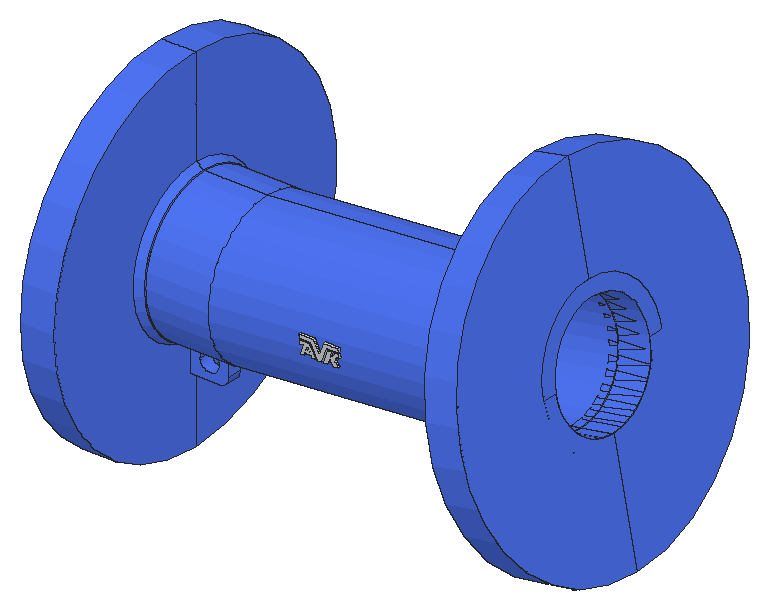
Revit family "712-0120-001-DN80", category Pipe Fittings, Revit 2019
Family settings
  Round Connector Dimension = Use Diameter
  Part Type = Elbow
  Work Plane-Based = No
  Always vertical = Yes
  Cut with Voids When Loaded = No
  Shared = No
Parameters (values of type "DN080_PN10/16")
  Rf_Dia = 42 mm
  RF_Thick = 3 mm
  L_Ref = 80 mm
  L = 113 mm  # constant formula
  ID(Radius) = [Nominal Diameter(DN)] / 2  # 30.037 mm
  Flange_thickness = 17 mm  # constant formula
  Nominal Diameter(DN) = 60.073 mm
  FOD = 90.037 mm
  URL product pages = "https://www.avkvalves.com/P.aspx?no=712008001201"
  Description_ = "AVK FLANGED BEND 11.25° W/LOOSE FLANGES, PN 10/16"
  DN080_PN10/16 = "712-0080-01-201"
  DN040_ PN10/16 = yes
  Body_wallthickness = 15 mm + [Nominal Diameter(DN)]  # 75.073 mm
  A = 11.25°  # constant formula
Reference planes
  plane 1 "Center (Front/Back)": y = 0
  plane 2: z = 0
  plane 3 "Center (Left/Right)": x = 0
  plane 4: x = 113
  plane 5: through (113, -1524, 0) normal (0.9808, 0, 0.1951)
  plane 6: through (224.212, -1524, 20.12) normal (0.9808, 0, 0.1951)
  plane 7: through (113, -1524, 0) normal (-0.178, 0, 0.984)
Forms (mm)
  Sweep 1, solid, material "Plastic"
    path origin (0, 0, 0) x (1, 0, 0) y (0, 0, -1)
      loop
        line (0, 0) -> (53.525, 0)
        arc (53.525, 0) -> (112.762, -2.652) -> (171.525, -10.588) r 662.833
        line (171.525, -10.588) -> (224.212, -20.12)
    profile origin (26.763, 0, 0) x (0, 0, 1) y (0, -1, 0)
      loop
        circle (0, 0) r 30.037
      loop
        circle (0, 0) r 37.537
  Revolve 2, solid, material "Plastic"
    sketch origin (0, 0, 0) x (1, 0, 0) y (0, 0, -1)
      loop
        line (0, 30.037) -> (17, 30.037) -> (17, 90.037) -> (0, 90.037) -> (0, 30.037)
      axis (0, 0) -> (17, 0)
    angle from 0 to 360
  Revolve 3, solid, material "Plastic"
    sketch origin (0, 0, 370) x (1, 0, 0) y (0, 0, -1)
      loop
        line (230.072, 379.344) -> (241.78, 438.2) -> (225.049, 441.227) -> (213.342, 382.371) -> (230.072, 379.344)
      axis (207.491, 352.96) -> (224.165, 349.643)
    angle from 0 to 360
  Revolve 4, solid, material "Plastic"
    sketch origin (0, 0, 0) x (1, 0, 0) y (0, 0, -1)
      loop
        line (17, 30.037) -> (21.532, 30.037) -> (21.532, 37.923) -> (17, 40.037) -> (17, 30.037)
      axis (17, 0) -> (21.532, 0)
    angle from 0 to 360
  Revolve 5, solid, material "Plastic"
    sketch origin (0, 0, 0) x (1, 0, 0) y (0, 0, -1)
      loop
        line (213.342, 12.371) -> (215.309, 22.262) -> (210.292, 20.917) -> (208.757, 13.2) -> (213.342, 12.371)
      axis (202.884, -16.324) -> (207.453, -17.233)
    angle from 0 to 360
  Extrusion 6, solid, material "Plastic"
    sketch origin (0, 0, 0) x (1, 0, 0) y (0, 0, 1)
      loop
        line (17, -30.037) -> (17, -55.037) -> (32, -55.037)
        arc (32, -55.037) -> (35.536, -53.572) -> (37, -50.037) r 5
        line (37, -50.037) -> (37, -30.037) -> (17, -30.037)
      loop
        circle (27.166, -46.447) r 5
    from -3.392 to 3.392
Dimensions and locks
  "L": plane 4 to plane 3 "Center (Left/Right)"
  "L": plane 5 to plane 6
  "Flange_thickness": Revolve 2 sketch curve to plane 3 "Center (Left/Right)"
  "ID(Radius)": plane 7 to Revolve 3 sketch curve
  "FOD": Revolve 3 sketch curve to plane 7
  "Flange_thickness": Revolve 3 sketch curve to Revolve 3 sketch curve
  locked: Revolve 2 to Revolve 4 sketch curve at 4.532
  locked: Revolve 5 sketch curve to plane 7 at 30.037
  locked: Revolve 5 sketch curve to plane 7 at 40.119
  locked: Revolve 5 sketch curve to plane 7 at 37.903
  locked: level to Extrusion 6 sketch curve at 30.037
  locked: level to Extrusion 6 sketch curve at 55.037
  equal spacing: Extrusion 6, plane 1 "Center (Front/Back)", Extrusion 6
  locked: Extrusion 6 to Extrusion 6 at 6.783
  "ID(Radius)": radius of Sweep 1 sketch curve
  "Body_wallthickness": diameter of Sweep 1 sketch curve
  "A": angle plane 4 to plane 5
  locked: plane 3 "Center (Left/Right)" to plane 6 (angle 11.25°)
  aligned and locked: level to plane 2
  aligned and locked: Sweep 1 sketch curve to plane 3 "Center (Left/Right)"
  aligned and locked: Revolve 2 sketch curve to Sweep 1  (x2)
  aligned and locked: plane 6 to Revolve 3 sketch curve
  aligned and locked: Revolve 3 sketch curve to plane 7
  aligned and locked: Revolve 4 sketch curve to Revolve 2
  aligned and locked: Revolve 5 sketch curve to Revolve 3
  aligned and locked: Revolve 5 sketch curve to plane 7
  aligned and locked: Revolve 2 to Extrusion 6 sketch curve
Automatic sketch dimensions
  Sweep 1 sketch curve to plane 7 = 0 mm  (x2)
  Sweep 1 sketch curve to plane 6 = 0 mm
  Sweep 1 sketch curve to plane 3 "Center (Left/Right)" = 53.525 mm
  Sweep 1 sketch curve to Sweep 1 sketch curve = 52.687 mm
  Sweep 1 sketch curve to Sweep 1 sketch curve = 652.245 mm
  Revolve 4 sketch curve to Revolve 4 sketch curve = 7.887 mm
  Revolve 4 sketch curve to Revolve 4 sketch curve = 2.113 mm
  Revolve 4 sketch curve to plane 3 "Center (Left/Right)" = 12 mm
  Revolve 4 sketch curve to Revolve 4 sketch curve = 15 mm
  Revolve 4 sketch curve to Revolve 4 sketch curve = 30.037 mm
  Revolve 5 sketch curve to Revolve 5 sketch curve = 5.017 mm
  Revolve 5 sketch curve to Revolve 5 sketch curve = 4.584 mm
  Revolve 5 sketch curve to Revolve 5 sketch curve = 9.374 mm
  Revolve 5 sketch curve to Revolve 5 sketch curve = 14.712 mm
  Revolve 5 sketch curve to Revolve 5 sketch curve = 2.926 mm
  Revolve 4 sketch curve to level = 0 mm
  Extrusion 6 sketch curve to Extrusion 6 sketch curve = 10.166 mm
  Extrusion 6 sketch curve to Extrusion 6 sketch curve = 4.834 mm
  Extrusion 6 sketch curve to Extrusion 6 sketch curve = 5 mm
  Extrusion 6 sketch curve to Extrusion 6 sketch curve = 3.589 mm
  Sweep 1 sketch curve to Sweep 1 sketch curve = 0 mm  (x2)
  Sweep 1 sketch curve to plane 1 "Center (Front/Back)" = 0 mm
  profile plane to Sweep 1 sketch curve = 0 mm
  Revolve 2 sketch curve to level = 0 mm
  level to Revolve 2 sketch curve = 30.037 mm
  Revolve 2 sketch curve to Revolve 2 sketch curve = 60 mm
  Revolve 2 sketch curve to plane 3 "Center (Left/Right)" = 17 mm
  Revolve 3 sketch curve to level = 17.641 mm
  Revolve 3 sketch curve to level = 20.567 mm
  Revolve 3 sketch curve to Revolve 3 sketch curve = 14.712 mm
  radius of Extrusion 6 sketch curve = 5 mm
Nested families
  nested 1: "Latest New 3" at (111.122, -37.369, -1.049) x (1, 0.0081, 0.0008) z (0.0082, -0.9955, -0.094), type "Latest New 3"
Connectors
  piping at (224.165, 0, 20.357), diameter 60.073, driven by "Nominal Diameter(DN)"
    settings: on Revolve 3, index 1, connector inside diameter 609.6 mm, connector length 0 mm, flow factor 0, pipe flow 0.0 L/s, pressure drop 0.0 Pa, fitting loss kfactor 0, connector angle 0.00°, fixture units 0, engagement length 0 mm, angle of deflection 0.00°, flow configuration 0, flow direction 0, fitting loss method 0, system type 7, joint type 0, gender type 0, connector reference index -1, connector utility 0, adjustable connector no, is connector primary yes, connector description ""
  piping at (0, 0, 0), diameter 60.073, driven by "Nominal Diameter(DN)"
    settings: on Revolve 2, index 2, connector inside diameter 609.6 mm, connector length 0 mm, flow factor 0, pipe flow 0.0 L/s, pressure drop 0.0 Pa, fitting loss kfactor 0, connector angle 0.00°, fixture units 0, engagement length 0 mm, angle of deflection 0.00°, flow configuration 0, flow direction 0, fitting loss method 0, system type 7, joint type 0, gender type 0, connector reference index -1, connector utility 0, adjustable connector no, is connector primary no, connector description ""
Definition of nested family "Latest New 3"
  Parameters
    Default Elevation = 1219.2 mm
  Reference planes
    plane 1 "Center (Front/Back)": y = 0
    plane 2: z = 0
    plane 3 "Center (Left/Right)": x = 0
  Forms (mm)
    Extrusion 1, solid
      sketch origin (0, 0, 0) x (1, 0, 0) y (0, 1, 0)
        loop
          line (-1219.2, 1219.2) -> (-1219.2, -1219.2) -> (1219.2, -1219.2) -> (1219.2, 1219.2) -> (-1219.2, 1219.2)
      from 0 to -304.8
    Extrusion 2, solid
      sketch origin (0, 0, 0) x (1, 0, 0) y (0, 1, 0)
        loop
          line (-2.683, 9.413) -> (-9.884, 9.413) -> (-9.884, 7.46) -> (-4.022, 7.46) -> (-0.985, 0) -> (0.985, 0) -> (4.022, 7.46) -> (9.884, 7.46) -> (9.884, 9.413) -> (2.683, 9.413) -> (0, 2.824) -> (-2.683, 9.413)
        loop
          line (-4.528, 6.707) -> (-9.884, 6.707) -> (-9.884, 4.824) -> (-8.032, 4.824) -> (-9.884, 0) -> (-7.792, 0) -> (-7.394, 1.035) -> (-4.328, 1.035) -> (-3.907, 0) -> (-1.798, 0) -> (-4.528, 6.707)
        loop
          line (-6.91, 2.824) -> (-5.056, 2.824) -> (-6.01, 5.167) -> (-6.91, 2.824)
        loop
          line (1.798, 0) -> (3.907, 0) -> (4.98, 2.637) -> (6.968, 0) -> (9.413, 0) -> (7.166, 2.983)
          arc (7.166, 2.983) -> (8.216, 3.774) -> (9.007, 4.824) r 4.724
          line (9.007, 4.824) -> (9.884, 4.824) -> (9.884, 6.707) -> (8.001, 6.707)
          arc (8.001, 6.707) -> (7.315, 5.008) -> (5.642, 4.261) r 2.448
          line (5.642, 4.261) -> (6.637, 6.707) -> (4.528, 6.707) -> (1.798, 0)
      from 0 to 1
  Dimensions and locks
    aligned and locked: plane 2 to Extrusion 1
    aligned and locked: level to Extrusion 1
    aligned and locked: Extrusion 2 sketch curve to import instance  (x30)
